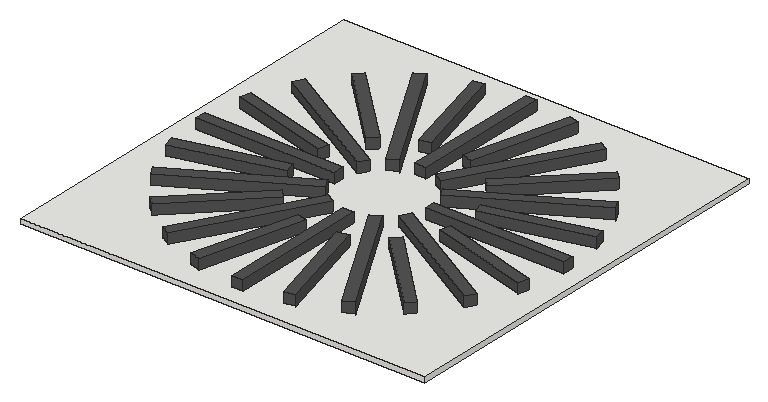
Revit family "MADEL_DIFFUSER _ADJUSTABLE VANES_AXO-S_00", category Air Terminals, Revit 2015 (continued)
Definition of nested family "(R) AXO-S"
  Definition of nested family "(R) AXO-S 300"
    Forms (mm)
      Extrusion 2, solid, material <- "Material Aletas"
        sketch origin (0, 0, 0) x (1, 0, 0) y (0, 1, 0)
          loop
            line (49.2, 11) -> (49.2, 0) -> (49.2, -11) -> (123.5, -11) -> (123.5, 0) -> (123.5, 11) -> (49.2, 11)
          loop
            line (-11, 49.2) -> (0, 49.2) -> (11, 49.2) -> (11, 123.5) -> (0, 123.5) -> (-11, 123.5) -> (-11, 49.2)
          loop
            line (-49.2, -11) -> (-49.2, 0) -> (-49.2, 11) -> (-123.5, 11) -> (-123.5, 0) -> (-123.5, -11) -> (-49.2, -11)
          loop
            line (11, -49.2) -> (0, -49.2) -> (-11, -49.2) -> (-11, -123.5) -> (0, -123.5) -> (11, -123.5) -> (11, -49.2)
        from 0 to 30
    Dimensions and locks
      equal spacing: plane 7, plane 3 "Centro (Izquierda/Derecha)", plane 6
      "E": plane 7 to plane 6
      equal spacing: plane 5, plane 1 "Centro (Frontal/Posterior)", plane 4
      "E": plane 5 to plane 4
      locked: plane 8 to plane 2 at 10
      locked: plane 9 to plane 8 at 20
      aligned and locked: level to plane 2
      aligned and locked: Extrusion 1 to plane 8
      aligned and locked: Extrusion 1 to plane 2
      aligned and locked: plane 6 to Extrusion 1
      aligned and locked: plane 4 to Extrusion 1
      aligned and locked: plane 7 to Extrusion 1
      aligned and locked: plane 5 to Extrusion 1
      aligned and locked: plane 9 to Extrusion 2
    Automatic sketch dimensions
      plane 5 to Extrusion 1 sketch curve = 0.0 mm
      Extrusion 1 sketch curve to plane 7 = 0.0 mm
      Extrusion 1 sketch curve to plane 6 = 0.0 mm
      Extrusion 1 sketch curve to plane 4 = 0.0 mm
      Extrusion 2 sketch curve to plane 7 = 22.489 mm  (x2)
      Extrusion 2 sketch curve to plane 1 "Centro (Frontal/Posterior)" = 0.0 mm  (x4)
      Extrusion 2 sketch curve to plane 7 = 24.0 mm
      Extrusion 2 sketch curve to Extrusion 2 sketch curve = 5.5 mm  (x12)
      Extrusion 2 sketch curve to plane 5 = 33.489 mm  (x2)
      Extrusion 2 sketch curve to Extrusion 2 sketch curve = 35.485 mm  (x2)
      Extrusion 2 sketch curve to plane 4 = 33.488 mm  (x2)
      Extrusion 2 sketch curve to plane 5 = 27.989 mm  (x2)
      Extrusion 2 sketch curve to Extrusion 2 sketch curve = 9.526 mm  (x9)
      Extrusion 2 sketch curve to plane 4 = 27.988 mm
      plane 1 "Centro (Frontal/Posterior)" to Extrusion 2 sketch curve = 22.324 mm  (x2)
      Extrusion 2 sketch curve to plane 1 "Centro (Frontal/Posterior)" = 22.324 mm  (x2)
      Extrusion 2 sketch curve to Extrusion 2 sketch curve = 0.0 mm
      Extrusion 2 sketch curve to plane 5 = 22.489 mm  (x2)
      Extrusion 2 sketch curve to plane 4 = 22.488 mm  (x2)
      Extrusion 2 sketch curve to plane 1 "Centro (Frontal/Posterior)" = 31.85 mm  (x2)
      plane 1 "Centro (Frontal/Posterior)" to Extrusion 2 sketch curve = 31.85 mm  (x2)
      Extrusion 2 sketch curve to plane 1 "Centro (Frontal/Posterior)" = 41.376 mm
      plane 1 "Centro (Frontal/Posterior)" to Extrusion 2 sketch curve = 41.376 mm
      Extrusion 2 sketch curve to Extrusion 2 sketch curve = 11.466 mm  (x4)
      Extrusion 2 sketch curve to Extrusion 2 sketch curve = 8.29 mm  (x4)
      Extrusion 2 sketch curve to plane 3 "Centro (Izquierda/Derecha)" = 11.0 mm  (x2)
      plane 3 "Centro (Izquierda/Derecha)" to Extrusion 2 sketch curve = 0.0 mm  (x4)
      Extrusion 2 sketch curve to Extrusion 2 sketch curve = 11.0 mm  (x3)
      Extrusion 2 sketch curve to Extrusion 2 sketch curve = 11.324 mm  (x2)
      Extrusion 2 sketch curve to plane 1 "Centro (Frontal/Posterior)" = 11.0 mm
      Extrusion 2 sketch curve to Extrusion 2 sketch curve = 7.824 mm
      Extrusion 2 sketch curve to Extrusion 2 sketch curve = 48.474 mm  (x2)
      Extrusion 2 sketch curve to plane 6 = 33.488 mm  (x2)
      Extrusion 2 sketch curve to plane 6 = 24.0 mm
      plane 1 "Centro (Frontal/Posterior)" to Extrusion 2 sketch curve = 59.474 mm
      Extrusion 2 sketch curve to plane 1 "Centro (Frontal/Posterior)" = 59.474 mm
      Extrusion 2 sketch curve to plane 5 = 24.0 mm
      plane 1 "Centro (Frontal/Posterior)" to Extrusion 2 sketch curve = 11.0 mm  (x2)
      Extrusion 2 sketch curve to plane 4 = 24.0 mm
      Extrusion 2 sketch curve to Extrusion 2 sketch curve = 19.053 mm
      Extrusion 1 sketch curve to plane 7 = 22.489 mm  (x2)
      plane 1 "Centro (Frontal/Posterior)" to Extrusion 1 sketch curve = 11.0 mm  (x2)
      Extrusion 1 sketch curve to plane 7 = 24.0 mm
      Extrusion 1 sketch curve to Extrusion 1 sketch curve = 5.5 mm  (x12)
      Extrusion 1 sketch curve to plane 5 = 33.489 mm  (x2)
      Extrusion 1 sketch curve to Extrusion 1 sketch curve = 35.485 mm  (x2)
      Extrusion 1 sketch curve to plane 4 = 33.488 mm
      Extrusion 1 sketch curve to plane 5 = 27.989 mm  (x2)
      Extrusion 1 sketch curve to Extrusion 1 sketch curve = 9.526 mm  (x9)
      Extrusion 1 sketch curve to plane 4 = 27.988 mm
      Extrusion 1 sketch curve to plane 1 "Centro (Frontal/Posterior)" = 22.324 mm  (x2)
      Extrusion 1 sketch curve to plane 3 "Centro (Izquierda/Derecha)" = 60.666 mm
      plane 1 "Centro (Frontal/Posterior)" to Extrusion 1 sketch curve = 22.324 mm  (x2)
      Extrusion 1 sketch curve to Extrusion 1 sketch curve = 0.0 mm
      Extrusion 1 sketch curve to plane 4 = 22.488 mm  (x2)
      Extrusion 1 sketch curve to plane 5 = 22.489 mm  (x2)
      Extrusion 1 sketch curve to plane 1 "Centro (Frontal/Posterior)" = 31.85 mm  (x2)
      plane 1 "Centro (Frontal/Posterior)" to Extrusion 1 sketch curve = 31.85 mm  (x2)
      plane 1 "Centro (Frontal/Posterior)" to Extrusion 1 sketch curve = 41.376 mm
      Extrusion 1 sketch curve to plane 1 "Centro (Frontal/Posterior)" = 41.376 mm
      Extrusion 1 sketch curve to Extrusion 1 sketch curve = 11.466 mm  (x3)
      Extrusion 1 sketch curve to Extrusion 1 sketch curve = 8.29 mm  (x5)
      Extrusion 1 sketch curve to plane 3 "Centro (Izquierda/Derecha)" = 11.0 mm  (x2)
      plane 3 "Centro (Izquierda/Derecha)" to Extrusion 1 sketch curve = 0.0 mm  (x4)
      Extrusion 1 sketch curve to Extrusion 1 sketch curve = 11.0 mm  (x3)
      Extrusion 1 sketch curve to Extrusion 1 sketch curve = 11.324 mm  (x2)
      Extrusion 1 sketch curve to Extrusion 1 sketch curve = 19.053 mm
      Extrusion 1 sketch curve to plane 1 "Centro (Frontal/Posterior)" = 11.0 mm
      Extrusion 1 sketch curve to Extrusion 1 sketch curve = 7.824 mm
      Extrusion 1 sketch curve to Extrusion 1 sketch curve = 48.474 mm  (x2)
      Extrusion 1 sketch curve to plane 6 = 33.488 mm  (x2)
      Extrusion 1 sketch curve to plane 6 = 24.0 mm
      Extrusion 1 sketch curve to plane 1 "Centro (Frontal/Posterior)" = 59.474 mm
      plane 1 "Centro (Frontal/Posterior)" to Extrusion 1 sketch curve = 59.474 mm
      Extrusion 1 sketch curve to plane 5 = 24.0 mm
      Extrusion 1 sketch curve to plane 1 "Centro (Frontal/Posterior)" = 0.0 mm  (x4)
      Extrusion 1 sketch curve to plane 4 = 24.0 mm
Types (9, lengths in mm): name | n_factor | m_factor | c_factor | b_factor | Width_Connector | V800 | V600 | V500 | V400 | V300 | Q | Product Type | Product Size | Vmed | Vmax | V[m/s] | Model | Lw (dB(A)) | Min Flow | Max Flow | Height_Connector | E | DPt | D | Afree | A | Diffuser grill
  AXO-S 600 | 22.777 | 1.9094 | 7.9708 | -3.9584 | 576.0 | no | yes | no | no | no | 617.76 m³/h | "AXO-S 600" | "dim.600" | 3.9 m/s | 5.3 m/s | 3.9 | "AXO-S 600" | 38.9698 | 396 m³/h | 839.52 m³/h | 576.0 | 595.0 | 23.4688 Pa | 575.0 | 0.0440 m² | 576.0 | (R) AXO-S : 600
  AXO-S 300 | 23.878 | 1.9099 | 0.1835 | -2.8597 | 280.0 | no | no | no | no | yes | 155.52 m³/h | "AXO-S 300" | "dim.300" | 4.5 m/s | 6.5 m/s | 4.5 | "AXO-S 300" | 36.0979 | 86.4 m³/h | 224.64 m³/h | 280.0 | 295.0 | 21.2032 Pa | 275.0 | 0.0096 m² | 280.0 | (R) AXO-S : 300
  AXO-S 400 | 23.854 | 1.9093 | 1.4296 | -3.4583 | 376.0 | no | no | no | yes | no | 303.912 m³/h | "AXO-S 400" | "dim.400" | 4.2 m/s | 5.9 m/s | 4.2 | "AXO-S 400" | 35.6621 | 180.9 m³/h | 426.924 m³/h | 376.0 | 395.0 | 19.1449 Pa | 375.0 | 0.0201 m² | 376.0 | (R) AXO-S : 400
  AXO-S 500 | 22.756 | 1.9092 | 6.3204 | -3.9778 | 476.0 | no | no | yes | no | no | 412.38 m³/h | "AXO-S 500" | "dim.500" | 3.95 m/s | 5.4 m/s | 3.95 | "AXO-S 500" | 37.5807 | 261 m³/h | 563.76 m³/h | 476.0 | 495.0 | 10.3582 Pa | 475.0 | 0.0290 m² | 476.0 | (R) AXO-S : 500
  AXO-S 800 | 27.287 | 1.9105 | 6.5577 | -4.3817 | 776.0 | yes | no | no | no | no | 820.08 m³/h | "AXO-S 800" | "dim.800" | 3.35 m/s | 4.2 m/s | 3.35 | "AXO-S 800" | 39.5466 | 612 m³/h | 1028.16 m³/h | 776.0 | 795.0 | 15.3229 Pa | 775.0 | 0.0680 m² | 776.0 | (R) AXO-S : 800
  AXO-S 310 | 23.878 | 1.9099 | 0.1835 | -2.8597 | 289.0 | no | no | no | no | yes | 155.52 m³/h | "AXO-S 310" | "dim.310" | 4.5 m/s | 6.5 m/s | 4.5 | "AXO-S 310" | 36.0979 | 86.4 m³/h | 224.64 m³/h | 289.0 | 308.0 | 21.2032 Pa | 288.0 | 0.0096 m² | 289.0 | (R) AXO-S : 310
  AXO-S 625 | 22.777 | 1.9094 | 7.9708 | -3.9584 | 601.0 | no | yes | no | no | no | 617.76 m³/h | "AXO-S 625" | "dim.625" | 3.9 m/s | 5.3 m/s | 3.9 | "AXO-S 625" | 38.9698 | 396 m³/h | 839.52 m³/h | 601.0 | 620.0 | 23.4688 Pa | 600.0 | 0.0440 m² | 601.0 | (R) AXO-S : 625
  AXO-S 675 | 22.777 | 1.9094 | 7.9708 | -3.9584 | 651.0 | no | yes | no | no | no | 617.76 m³/h | "AXO-S 675" | "dim.675" | 3.9 m/s | 5.3 m/s | 3.9 | "AXO-S 675" | 38.9698 | 396 m³/h | 839.52 m³/h | 651.0 | 670.0 | 23.4688 Pa | 650.0 | 0.0440 m² | 651.0 | (R) AXO-S : 675
  AXO-S 825 | 27.287 | 1.9105 | 6.5577 | -4.3817 | 801.0 | yes | no | no | no | no | 820.08 m³/h | "AXO-S 825" | "dim.825" | 3.35 m/s | 4.2 m/s | 3.35 | "AXO-S 825" | 39.5466 | 612 m³/h | 1028.16 m³/h | 801.0 | 820.0 | 15.3229 Pa | 800.0 | 0.0680 m² | 801.0 | (R) AXO-S : 825
